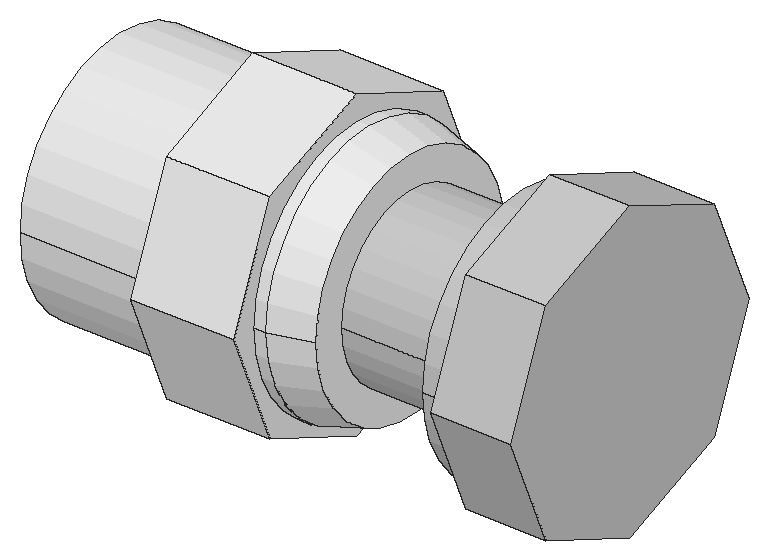
Revit family "PF_Соединение [фитинг полипропиленовый с накидной гайкой VTp.708.0]1 - VALTEC", category Соединительные детали трубопроводов, Revit 2019
Family settings
  Размер круглого соединителя = Использовать диаметр
  Тип детали = Соединение
  На основе рабочей плоскости = Нет
  Всегда вертикально = Да
  При загрузке вырезать с полостями = Нет
  Общий = Нет
Parameters (values of type "VTp.708.0")
  Таблица = "PF_Соединение [фитинг полипропиленовый с накидной гайкой VTp.708.0] - VALTEC"  # constant formula
  built-in parameter 1114238 [instance] = (empty or 0)
  Отразить [instance] = no
  Материал доп.1 = Сталь, нержавеющая - VALTEC
  Manufacturer = ""
  n [instance] = if(Отразить, 1 mm, 0 mm)  # 0 mm
  l7 [instance] = size_lookup(Таблица, "l7", 0 mm, n, d)  # 50 mm
  l6 [instance] = size_lookup(Таблица, "l6", 0 mm, n, d)  # 47 mm
  l5 [instance] = size_lookup(Таблица, "l5", 0 mm, n, d)  # 33.7 mm
  l4 [instance] = size_lookup(Таблица, "l4", 0 mm, n, d)  # 29 mm
  l3 [instance] = size_lookup(Таблица, "l3", 0 mm, n, d)  # 27.5 mm
  l2 [instance] = size_lookup(Таблица, "l2", 0 mm, n, d)  # 15.5 mm
  l1 [instance] = size_lookup(Таблица, "l1", 0 mm, n, d)  # 0 mm
  x2 [instance] = if(Отразить, dn2, 1 mm)  # 1 mm
  dn8 [instance] = size_lookup(Таблица, "dn8", 0 mm, n, d)  # 31.9 mm
  dn7 [instance] = size_lookup(Таблица, "dn7", 0 mm, n, d)  # 29.5 mm
  dn6 [instance] = size_lookup(Таблица, "dn6", 0 mm, n, d)  # 20 mm
  dn5 [instance] = size_lookup(Таблица, "dn5", 0 mm, n, d)  # 27.3 mm
  dn4 [instance] = size_lookup(Таблица, "dn4", 0 mm, n, d)  # 30 mm
  dn3 [instance] = size_lookup(Таблица, "dn3", 0 mm, n, d)  # 30 mm
  dn2 [instance] = size_lookup(Таблица, "dn2", 0 mm, n, d)  # 33 mm
  x1 [instance] = if(Отразить, 1 mm, dn2)  # 33 mm
  dn1 [instance] = size_lookup(Таблица, "dn1", 0 mm, n, d)  # 29 mm
  d [instance] = 20 mm
  a7 [instance] = size_lookup(Таблица, "a7", 0 mm, n, d)  # 9.3 mm
  a6 [instance] = size_lookup(Таблица, "a6", 0 mm, n, d)  # 3 mm
  a5 [instance] = size_lookup(Таблица, "a5", 0 mm, n, d)  # 13.3 mm
  a4 [instance] = size_lookup(Таблица, "a4", 0 mm, n, d)  # 4.7 mm
  a3 [instance] = size_lookup(Таблица, "a3", 0 mm, n, d)  # 1.5 mm
  a2 [instance] = size_lookup(Таблица, "a2", 0 mm, n, d)  # 12 mm
  a1 [instance] = size_lookup(Таблица, "a1", 0 mm, n, d)  # 15.5 mm
  URL = "https://valtec.ru/"
  B [instance] = size_lookup(Таблица, "B", 0 mm, n, d)  # 15.5 mm
  ADSK_Примечание [instance] = ""
  ADSK_Позиция [instance] = ""
  ADSK_Обозначение [instance] = "VTp.708.0"  # constant formula
  ADSK_Наименование [instance] = size_lookup(Таблица, "", "Данный типоразмер отсутствует", n, d)  # "Фитинг полипропиленовый с накидной гайкой, 20х3/4\""
  ADSK_Материал = Полипропилен - RGB 255 255 255
  ADSK_Масса [instance] = size_lookup(Таблица, "Масса", 0, n, d)  # 0.054
  ADSK_Марка [instance] = size_lookup(Таблица, "Маркировка", "Данный типоразмер отсутствует", n, d)  # "20х3/4\""
  ADSK_Код изделия [instance] = size_lookup(Таблица, "Код продукта", "Данный типоразмер отсутствует", n, d)  # "VTp.708.0.02005"
  ADSK_Завод-изготовитель [instance] = "VALTEC"  # constant formula
  ADSK_Единица измерения [instance] = "шт."  # constant formula
  ADSK_URL страницы изделия = "https://valtec.ru/catalog/sistemy_polipropilenovyh_truboprovodov/polipropilenovye_fitingi/fiting_polipropilenovyj_s_nakidnoj_gajkoj_vtp7080.html"
  ADSK_URL документации изделия = "https://valtec.ru/document/technical/VTp.700-fitingi-0419.pdf"
  A [instance] = size_lookup(Таблица, "A", 0 mm, n, d)  # 59.3 mm
Reference planes
  plane 1 "По центру (Вперед/Назад)": y = 0
  plane 2: z = 0
  plane 3 "По центру (Влево/Вправо)": x = 0
  plane 4: x = -29.65
  plane 5: x = 29.65
  plane 6: y = -16.5
  plane 7: y = 16.5
  plane 8: y = -0.5
  plane 9: y = 0.5
  plane 10: x = -29.65
  plane 11: x = -14.15
  plane 12: x = -14.15
  plane 13: x = -2.15
  plane 14: x = -2.15
  plane 15: x = -0.65
  plane 16: x = -0.65
  plane 17: x = 4.05
  plane 18: x = 4.05
  plane 19: x = 17.35
  plane 20: x = 17.35
  plane 21: x = 20.35
  plane 22: x = 20.35
  plane 23: x = 29.65
Forms (mm)
  Extrusion 1, solid, material "Полипропилен - RGB 255 255 255" <- "ADSK_Материал", detail levels medium+fine
    sketch origin (0, 0, 0) x (0, 1, 0) y (0, 0, 1)
      loop
        circle (0, 0) r 14.5
    from -29.65 to -14.15
  Extrusion 2, solid, material "Полипропилен - RGB 255 255 255" <- "ADSK_Материал", detail levels medium+fine
    sketch origin (0, 0, 0) x (0, 1, 0) y (0, 0, 1)
      loop
        circle (0, 0) r 15
    from -2.15 to -0.65
  Blend 3, solid, material "Полипропилен - RGB 255 255 255" <- "ADSK_Материал", detail levels medium+fine
    base sketch origin (0, 0, 0) x (0, 1, 0) y (0, 0, 1)
      loop
        circle (0, 0) r 15
    top sketch origin (0, 0, 0) x (0, 1, 0) y (0, 0, 1)
      loop
        circle (0, 0) r 13.65
    from -0.65 to 4.05
  Extrusion 4, solid, material "Сталь, нержавеющая - VALTEC" <- "Материал доп.1", detail levels medium+fine
    sketch origin (0, 0, 0) x (0, 1, 0) y (0, 0, 1)
      loop
        circle (0, 0) r 10
    from 4.05 to 17.35
  Extrusion 5, solid, material "Сталь, нержавеющая - VALTEC" <- "Материал доп.1", detail levels medium+fine
    sketch origin (0, 0, 0) x (0, 1, 0) y (0, 0, 1)
      loop
        circle (0, 0) r 14.75
    from 17.35 to 20.35
Cuts and joins
  joined: Extrusion 4, Extrusion 5
  joined: Extrusion 1, Extrusion 2, Blend 3
Lines and regions (mm)
  model lines, detail levels coarse
    curve 1: line (-29.65, 16.5, 0) -> (-29.65, -16.5, 0)
    curve 2: line (29.65, 0.5, 0) -> (29.65, -0.5, 0)
    curve 3: line (29.65, 0.5, 0) -> (-29.65, 16.5, 0)
    curve 4: line (-29.65, -16.5, 0) -> (29.65, -0.5, 0)
  reference lines
    curve 5: line (29.65, 0, 0) -> (-29.65, 0, 0)
Dimensions and locks
  equal spacing: plane 4, plane 3 "По центру (Влево/Вправо)", plane 5
  "A": plane 4 to plane 5
  equal spacing: plane 7, plane 1 "По центру (Вперед/Назад)", plane 6
  "x1": plane 7 to plane 6
  equal spacing: plane 8, plane 1 "По центру (Вперед/Назад)", plane 9
  "x2": plane 8 to plane 9
  "a1": plane 10 to plane 11
  "a2": plane 12 to plane 13
  "a3": plane 14 to plane 15
  "a4": plane 16 to plane 17
  "a5": plane 18 to plane 19
  "a6": plane 20 to plane 21
  "a7": plane 22 to plane 23
  "l1": plane 4 to plane 10
  "l2": plane 4 to plane 12
  "l3": plane 4 to plane 14
  "l4": plane 4 to plane 16
  "l5": plane 4 to plane 18
  "l6": plane 4 to plane 20
  "l7": plane 4 to plane 22
  "dn1": diameter of Extrusion 1 sketch curve
  "dn3": diameter of Extrusion 2 sketch curve
  "dn4": diameter of Blend 3 sketch curve
  "dn5": diameter of Blend 3 sketch curve
  "dn6": diameter of Extrusion 4 sketch curve
  "dn7": diameter of Extrusion 5 sketch curve
  aligned and locked: level to plane 2
  aligned and locked: plane 5 to curve 3
  aligned and locked: plane 9 to curve 2
  aligned and locked: plane 8 to curve 2
  aligned and locked: plane 4 to curve 4
  aligned and locked: plane 7 to curve 3
  aligned and locked: plane 6 to curve 1
  aligned and locked: curve 1 to plane 4
  aligned and locked: curve 5 to plane 1 "По центру (Вперед/Назад)"
  aligned and locked: plane 4 to curve 5
  aligned and locked: plane 5 to curve 5
  aligned and locked: plane 1 "По центру (Вперед/Назад)" to nested 1
  aligned and locked: plane 1 "По центру (Вперед/Назад)" to nested 2
  aligned and locked: plane 12 to nested 1
  aligned and locked: plane 22 to nested 2
  aligned and locked: level to Extrusion 1 sketch curve
  aligned and locked: plane 1 "По центру (Вперед/Назад)" to Extrusion 1 sketch curve
  aligned and locked: level to Extrusion 2 sketch curve
  aligned and locked: plane 1 "По центру (Вперед/Назад)" to Extrusion 2 sketch curve
  aligned and locked: Extrusion 1 to plane 10
  aligned and locked: Extrusion 1 to plane 11
  aligned and locked: plane 14 to Extrusion 2
  aligned and locked: Extrusion 2 to plane 15
  aligned and locked: level to Blend 3 sketch curve  (x2)
  aligned and locked: plane 1 "По центру (Вперед/Назад)" to Blend 3 sketch curve  (x2)
  aligned and locked: level to Extrusion 4 sketch curve
  aligned and locked: plane 1 "По центру (Вперед/Назад)" to Extrusion 4 sketch curve
  aligned and locked: Extrusion 4 to plane 19
  aligned and locked: plane 18 to Extrusion 4
  aligned and locked: plane 16 to Blend 3
  aligned and locked: Blend 3 to plane 17
  aligned and locked: level to Extrusion 5 sketch curve
  aligned and locked: plane 1 "По центру (Вперед/Назад)" to Extrusion 5 sketch curve
  aligned and locked: plane 20 to Extrusion 5
  aligned and locked: Extrusion 5 to plane 21
Nested families
  nested 1: "Гайка - горизонталь" at (-8.15, 0, 0), ADSK_Материал <- "ADSK_Материал", d <- "dn2", l <- "a2", type "Гайка - горизонталь", detail levels medium+fine
    with l 12 mm, d 33 mm, ADSK_Материал Полипропилен - RGB 255 255 255
  nested 2: "Гайка - горизонталь" at (25, 0, 0), d <- "dn8", l <- "a7", ADSK_Материал <- "Материал доп.1", type "Гайка - горизонталь", detail levels medium+fine
    with l 9.3 mm, d 31.9 mm, ADSK_Материал Сталь, нержавеющая - VALTEC
Connectors
  piping at (-29.65, 0, 0), diameter 20, driven by "d"
    settings: on curve 5, index 1, connector inside diameter 609.6 mm, connector length 0 mm, flow factor 0, pipe flow 0.0 L/s, pressure drop 0.0 Pa, fitting loss kfactor 0, connector angle 0.00°, fixture units 0, engagement length 0 mm, angle of deflection 0.00°, flow configuration 0, flow direction 0, fitting loss method 0, system type 28, joint type 0, gender type 0, connector reference index 2, connector utility 0, adjustable connector no, is connector primary yes, connector description ""
  piping at (29.65, 0, 0), diameter 20, driven by "d"
    settings: on curve 5, index 2, connector inside diameter 609.6 mm, connector length 0 mm, flow factor 0, pipe flow 0.0 L/s, pressure drop 0.0 Pa, fitting loss kfactor 0, connector angle 0.00°, fixture units 0, engagement length 0 mm, angle of deflection 0.00°, flow configuration 0, flow direction 0, fitting loss method 0, system type 28, joint type 0, gender type 0, connector reference index 1, connector utility 0, adjustable connector no, is connector primary no, connector description ""
Definition of nested family "Гайка - горизонталь"
  Parameters (values of type "Гайка - горизонталь")
    d [instance] = 588.881 mm
    l [instance] = 637.4 mm
    ADSK_Материал [instance] = none
  Reference planes
    plane 1 "По центру (Вперед/Назад)": y = 0
    plane 2: z = 0
    plane 3 "По центру (Влево/Вправо)": x = 0
    plane 4: y = 318.7
    plane 5: y = -318.7
    plane 6: through (0, -912.519, 2972.425) normal (0, -0.9239, -0.3827)
    plane 7: through (0, -1234.338, 2979.956) normal (0, -0.9239, -0.3827)
    plane 8: through (0, -1556.157, 2987.486) normal (0, -0.9239, -0.3827)
    plane 9: through (0, 1234.338, 2979.956) normal (0, -0.9239, 0.3827)
    plane 10: through (0, -2420.114, 1321.144) normal (0, -0.3827, -0.9239)
    plane 11: through (0, -2532.792, 1049.117) normal (0, -0.3827, -0.9239)
    plane 12: through (0, -2645.469, 777.089) normal (0, -0.3827, -0.9239)
    plane 13: through (0, 2420.114, 1321.144) normal (0, -0.3827, 0.9239)
    plane 14: through (0, 2532.792, 1049.117) normal (0, -0.3827, 0.9239)
    plane 15: through (0, 2645.469, 777.089) normal (0, -0.3827, 0.9239)
    plane 16: through (0, 912.519, 2972.425) normal (0, -0.9239, 0.3827)
    plane 17: through (0, 1234.338, 2979.956) normal (0, -0.9239, 0.3827)
    plane 18: through (0, 1556.157, 2987.486) normal (0, -0.9239, 0.3827)
    plane 19: x = 318.7
    plane 20: x = -318.7
  Forms (mm)
    Extrusion 1, solid, material <- "ADSK_Материал"
      sketch origin (0, 0, 0) x (0, 1, 0) y (0, 0, 1)
        loop
          line (0, 318.7) -> (-225.355, 225.355) -> (-318.7, 0) -> (-225.355, -225.355) -> (0, -318.7) -> (225.355, -225.355) -> (318.7, 0) -> (225.355, 225.355) -> (0, 318.7)
      from -318.7 to 318.7
  Lines and regions (mm)
    reference lines
      curve 1: line (0, -112.677, -272.027) -> (0, 112.677, 272.027)
      curve 2: line (0, -272.027, 112.677) -> (0, 272.027, -112.677)
  Dimensions and locks
    equal spacing: plane 4, plane 1 "По центру (Вперед/Назад)", plane 5
    locked: plane 4 to plane 5 at 637.4
    equal spacing: plane 8, plane 7, plane 6
    "d": plane 8 to plane 6
    equal spacing: plane 12, plane 11, plane 10
    "d": plane 12 to plane 10
    equal spacing: plane 15, plane 14, plane 13
    "d": plane 15 to plane 13
    equal spacing: plane 18, plane 17, plane 16
    "d": plane 18 to plane 16
    equal spacing: plane 20, plane 3 "По центру (Влево/Вправо)", plane 19
    "l": plane 20 to plane 19
    aligned and locked: level to plane 2
    aligned and locked: plane 10 to Extrusion 1 sketch curve
    aligned and locked: plane 13 to Extrusion 1 sketch curve
    aligned and locked: plane 16 to Extrusion 1 sketch curve
    aligned and locked: Extrusion 1 sketch curve to plane 8
    aligned and locked: Extrusion 1 sketch curve to plane 12
    aligned and locked: Extrusion 1 sketch curve to plane 15
    aligned and locked: Extrusion 1 sketch curve to plane 18
    aligned and locked: plane 6 to Extrusion 1 sketch curve
    aligned and locked: plane 19 to Extrusion 1
    aligned and locked: plane 20 to Extrusion 1
    aligned and locked: Extrusion 1 to plane 19
    aligned and locked: plane 16 to curve 2
    aligned and locked: plane 18 to curve 2
    aligned and locked: curve 2 to plane 11
    aligned and locked: plane 12 to curve 1
    aligned and locked: plane 10 to curve 1
    aligned and locked: curve 1 to plane 17
